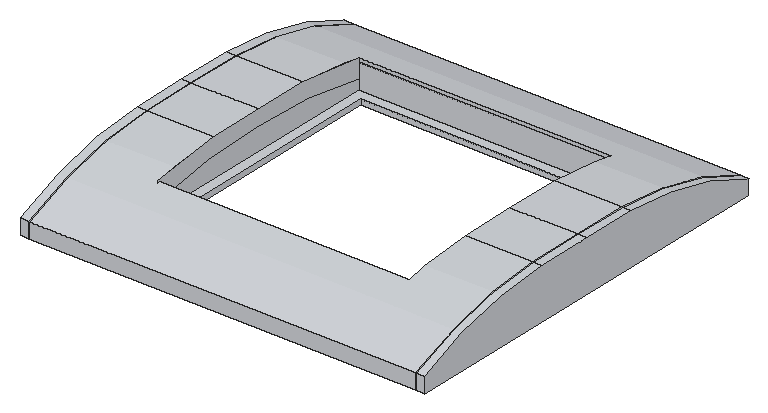
Revit family "Gira_1002766", category Electrical Fixtures, host Face, Revit 2017
Family settings
  Host = Face
  Maintain Annotation Orientation = No
  Round Connector Dimension = Use Diameter
  Part Type = Normal
  Cut with Voids When Loaded = No
  Shared = No
  Room Calculation Point = No
Parameters (values of type "Abdeckrahmen 2f o.M. Zwischenr. F Alu Gira Event Klar Braun")
  Werkstoffgüte = "Thermoplast"
  Werkstoff = "Kunststoff"
  URL = "http://katalog.gira.de/de_DE/datenblatt.html?artikelnr=1002766"
  Transparent = "No"
  Textfeld/Beschriftungsfläche = "No"
  Schutzart (IP) = "IP20"
  Region = "DE"
  Oberfläche = "sonstige"
  Name = "Abdeckrahmen 2f o.M. Zwischenr. F Alu Gira Event Klar Braun"
  Montagerichtung = "horizontal und vertikal"
  Mit Montagerahmen = "No"
  Mit Klappdeckel = "No"
  Manufacturer URL = "https://www.gira.de/"
  Keynote = "Event_Rahmen_2fach o.Mittelsteg"
  HeinzeBIM = "https://bimportal.heinze.de/bim/abdeckrahmen-2f-o-m-zwischenr-f-alu-gira-event-klar-braun/d36012f6bd5f7c00ce344c2aa7395623399ef24f"
  Halogenfrei = "Yes"
  HAN = "1002766"
  Geeignet für Unterputz-Installation = "Yes"
  Geeignet für Unterflurkanaldose = "No"
  Geeignet für Geräteeinbaukanal = "No"
  Geeignet für Einbauinstallation = "No"
  GTIN = "4010337070337"
  Farbe = "braun"
  Default Elevation = 1219.2 mm
  Data sheet (1) = "https://katalog.gira.de/de_DE/download.html?artikelnr=1002766"
  Category = "Abdeckrahmen"
  Befestigungsart = "Klemmbefestigung"
  Available = "Yes"
  Ausführung der Oberfläche = "glänzend"
  Anzahl der Einheiten vertikal = "2 "
  Anzahl der Einheiten horizontal = "2 "
  Anzahl der Einheiten = "2 "
Reference planes
  plane 1 "Center (Front/Back)": y = 0
  plane 2: z = 0
  plane 3 "Center (Left/Right)": x = 0
Forms (mm)
  Extrusion 1, solid, detail levels fine
    sketch origin (0, 0, 1.55) x (0, 1, 0) y (0, 0, 1)
      loop
        arc (12.445, 9.683) -> (6.223, 9.833) -> (0, 9.85) r 291.636
        arc (0, 9.85) -> (-6.223, 9.833) -> (-12.445, 9.683) r 291.636
        arc (-12.445, 9.683) -> (-29.14, 7.482) -> (-45, 1.823) r 79.728
        line (-45, 1.823) -> (-45, -1.55) -> (-41.777, -1.55) -> (-41.777, -0.55)
        arc (-41.777, -0.55) -> (-21.205, 4.846) -> (0, 6.467) r 118.15
        arc (0, 6.467) -> (21.205, 4.846) -> (41.777, -0.55) r 118.15
        line (41.777, -0.55) -> (41.777, -1.55) -> (45, -1.55) -> (45, 1.823)
        arc (45, 1.823) -> (29.14, 7.482) -> (12.445, 9.683) r 79.728
    from -43 to 43
  Extrusion 2, void, detail levels fine
    sketch origin (0, 0, 0) x (1, 0, 0) y (0, 1, 0)
      loop
        line (-28, -28) -> (28, -28) -> (28, 28) -> (-28, 28) -> (-28, -28)
    from 2.85 to 12
  Extrusion 3, solid, detail levels coarse
    sketch origin (0, 0, 0) x (1, 0, 0) y (0, 1, 0)
      loop
        line (-45, 45) -> (-45, -45) -> (45, -45) -> (45, 45) -> (-45, 45)
    from 0 to 11.4
  Extrusion 4, solid, detail levels medium
    sketch origin (0, 0, 1.55) x (0, 1, 0) y (0, 0, 1)
      loop
        arc (12.445, 9.683) -> (6.223, 9.833) -> (0, 9.85) r 291.636
        arc (0, 9.85) -> (-6.223, 9.833) -> (-12.445, 9.683) r 291.636
        arc (-12.445, 9.683) -> (-29.14, 7.482) -> (-45, 1.823) r 79.728
        line (-45, 1.823) -> (-45, -1.55) -> (45, -1.55) -> (45, 1.823)
        arc (45, 1.823) -> (29.14, 7.482) -> (12.445, 9.683) r 79.728
    from -45 to 45
  Extrusion 5, solid, detail levels fine
    sketch origin (0, 0, 0) x (0, 1, 0) y (0, 0, 1)
      loop
        arc (45, 3.373) -> (29.14, 9.032) -> (12.445, 11.233) r 79.728
        arc (12.445, 11.233) -> (6.223, 11.383) -> (0, 11.4) r 291.636
        arc (0, 11.4) -> (-6.223, 11.383) -> (-12.445, 11.233) r 291.636
        arc (-12.445, 11.233) -> (-29.14, 9.032) -> (-45, 3.373) r 79.728
        line (-45, 3.373) -> (-45, 0) -> (45, 0) -> (45, 3.373)
    from 43 to 45
  Extrusion 6, solid, detail levels fine
    sketch origin (0, 0, 0) x (0, 1, 0) y (0, 0, -1)
      loop
        line (45, -3.373) -> (45, 0) -> (-45, 0) -> (-45, -3.373)
        arc (-45, -3.373) -> (-29.14, -9.032) -> (-12.445, -11.233) r 79.728
        arc (-12.445, -11.233) -> (-6.223, -11.383) -> (0, -11.4) r 291.636
        arc (0, -11.4) -> (6.223, -11.383) -> (12.445, -11.233) r 291.636
        arc (12.445, -11.233) -> (29.14, -9.032) -> (45, -3.373) r 79.728
    from 43 to 45
  Extrusion 7, solid, detail levels fine
    sketch origin (0, 0, 0) x (1, 0, 0) y (0, 1, 0)
      loop
        line (-25.7, 25.7) -> (-25.7, -25.7) -> (25.7, -25.7) -> (25.7, 25.7) -> (-25.7, 25.7)
      loop
        line (-29.495, 27.895) -> (-29.495, -27.895)
        spline (-29.495, -27.895) -> (-29.486, -28.025) -> (-29.461, -28.154) -> (-29.419, -28.278) -> (-29.361, -28.395) -> (-29.288, -28.504) -> (-29.202, -28.602) -> (-29.104, -28.688) -> (-28.995, -28.761) -> (-28.878, -28.819) -> (-28.754, -28.861) -> (-28.625, -28.886) -> (-28.495, -28.895)
        line (-28.495, -28.895) -> (28.495, -28.895)
        spline (28.495, -28.895) -> (28.625, -28.886) -> (28.754, -28.861) -> (28.878, -28.819) -> (28.995, -28.761) -> (29.104, -28.688) -> (29.202, -28.602) -> (29.288, -28.504) -> (29.361, -28.395) -> (29.419, -28.278) -> (29.461, -28.154) -> (29.486, -28.025) -> (29.495, -27.895)
        line (29.495, -27.895) -> (29.495, 27.895)
        spline (29.495, 27.895) -> (29.486, 28.025) -> (29.461, 28.154) -> (29.419, 28.278) -> (29.361, 28.395) -> (29.288, 28.504) -> (29.202, 28.602) -> (29.104, 28.688) -> (28.995, 28.761) -> (28.878, 28.819) -> (28.754, 28.861) -> (28.625, 28.886) -> (28.495, 28.895)
        line (28.495, 28.895) -> (-28.495, 28.895)
        spline (-28.495, 28.895) -> (-28.625, 28.886) -> (-28.754, 28.861) -> (-28.878, 28.819) -> (-28.995, 28.761) -> (-29.104, 28.688) -> (-29.202, 28.602) -> (-29.288, 28.504) -> (-29.361, 28.395) -> (-29.419, 28.278) -> (-29.461, 28.154) -> (-29.486, 28.025) -> (-29.495, 27.895)
    from 1.673 to 8.5
Cuts and joins
  Extrusion 2 cuts Extrusion 1
  Extrusion 2 cuts Extrusion 7
Dimensions and locks
  aligned and locked: plane 2 to host face
  aligned and locked: level to host face
